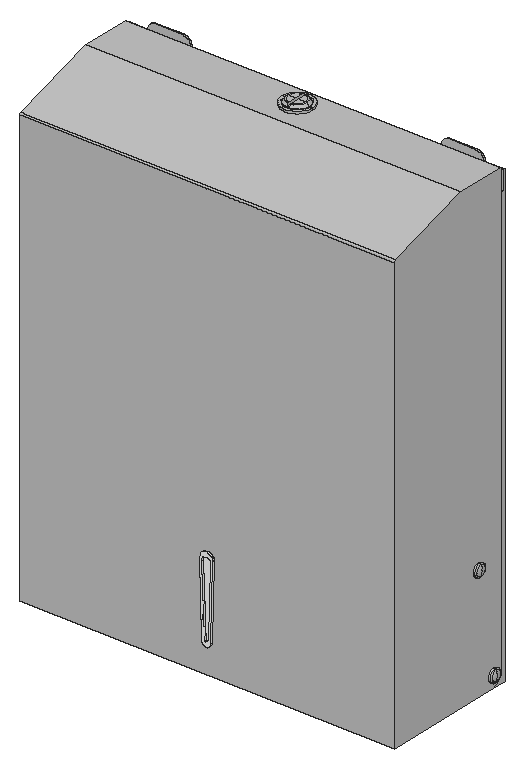
Revit family "Reece_Accessory_Wolfen_Paper Towel Dispenser", category Plumbing Fixtures, Revit 2018
Family settings
  Round Connector Dimension = Use Diameter
  Part Type = Normal
  Work Plane-Based = Yes
  Always vertical = Yes
  Cut with Voids When Loaded = Yes
  Shared = Yes
  Room Calculation Point = Yes
Parameters (values of type "Stainless Steel")
  URL = "https://www.reece.com.au/product/-2263886"
  Type Comments = "Accessory"
  Reece_Product_Web Page = "https://www.reece.com.au/product/-2263886"
  Reece_Product_Type = "Accessory"  # constant formula
  Reece_Product_Sub Brand = "Wolfen"  # constant formula
  Reece_Product_Number = "2263886"
  Reece_Product_Mount = "Wall Mounted"
  Reece_Product_Description = "Wolfen Paper Towel Dispenser Stainless Steel"
  Reece_Product_Brand = "Wolfen"  # constant formula
  Reece_Overall_Width = 280.00 mm  # constant formula
  Reece_Overall_Height = 345.00 mm  # constant formula
  Reece_Material_Secondary = Reece_Plastic_Transparent
  Reece_Material_Main = Reece_Brass_Brushed Stainless Steel
  Reece_Height_From_Level [instance] = 1000.00 mm
  Reece_Detail_Disclaimer = "THIS FILE IS THE PROPERTY OF THE REECE GROUP. IT MAY NOT BE REPRODUCED, REVERSE-ENGINEERED OR MODIFIED. ANY REPUBLICATION, TRANSMISSION OR DISTRIBUTION FOR THE PURPOSE OF COMMERCIALLY EXPLOITING THE FILES IS PROHIBITED."  # constant formula
  Reece_Detail_Additional = "Paper Towel Dispenser"  # constant formula
  Reece_Accessory_Projection = 102.00 mm  # constant formula
  Model = "Wolfen"
  Manufacturer = "Wolfen"
  Keynote = "Product #2263886, Reece_Accessory_Wolfen_Paper Towel Dispenser - Stainless Steel"
  Disclaimer = "THIS FILE IS THE PROPERTY OF THE REECE GROUP. IT MAY NOT BE REPRODUCED, REVERSE-ENGINEERED OR MODIFIED. ANY REPUBLICATION, TRANSMISSION OR DISTRIBUTION FOR THE PURPOSE OF COMMERCIALLY EXPLOITING THE FILES IS PROHIBITED."  # constant formula
  Description = "Wolfen Paper Towel Dispenser Stainless Steel"
  Default Elevation = 0.00 mm
Types (2, lengths in mm): name | Keynote
  (no name) | "Product #2263886, Reece_Accessory_Wolfen_Paper Towel Dispenser -  "
  Stainless Steel | "Product #2263886, Reece_Accessory_Wolfen_Paper Towel Dispenser - Stainless Steel"
Reference planes
  plane 1 "Center (Front/Back)": y = 0
  plane 2 "Bottom Host Plane": z = -5
  plane 3 "Center (Left/Right)": x = 0
  plane 4 "Fixing Point": z = 1000
  plane 5: z = 1039.875
  plane 6: x = 140
  plane 7: x = -140
  plane 8 "Bottom": z = 694.875
  plane 9: y = -102
Forms (mm)
  Extrusion 1, solid, material "Reece_Brass_Brushed Stainless Steel" <- "Reece_Material_Main"
    sketch origin (0, 0, 0) x (0, 1, 0) y (0, 0, 1)
      loop
        line (-3.102, 1039.875) -> (-41.021, 1039.875) -> (-101.173, 1020.921)
        arc (-101.173, 1020.921) -> (-101.771, 1020.499) -> (-102, 1019.804) r 1.168
        line (-102, 1019.804) -> (-102, 694.875) -> (-13.102, 694.875)
        arc (-13.102, 694.875) -> (-6.031, 697.804) -> (-3.102, 704.875) r 10
        line (-3.102, 704.875) -> (-3.102, 1039.875)
    from -140 to 140
  Revolve 2, solid, material "Reece_Brass_Brushed Stainless Steel" <- "Reece_Material_Main"
    sketch origin (0, -10.793, 699.26) x (0, 0, -1) y (-1, 0, 0)
      loop
        line (-9.508, -141.803) -> (-8.593, -142.179)
        arc (-8.593, -142.179) -> (-6.711, -142.745) -> (-4.755, -142.932) r 10
        line (-4.755, -142.932) -> (-4.755, -137.715) -> (-9.508, -137.715) -> (-9.508, -141.803)
      axis (-4.755, -137.715) -> (-4.755, -142.932)
    angle from 0 to 360
  Revolve 3, solid, material "Reece_Brass_Brushed Stainless Steel" <- "Reece_Material_Main"
    sketch origin (0, -24.937, 784.691) x (0, 0, -1) y (-1, 0, 0)
      loop
        line (-0.636, 141.803) -> (-0.636, 137.715) -> (4.116, 137.715) -> (4.116, 142.925)
        arc (4.116, 142.925) -> (2.182, 142.752) -> (0.32, 142.197) r 9.678
        line (0.32, 142.197) -> (-0.636, 141.803)
      axis (4.116, 137.715) -> (4.116, 142.925)
    angle from 0 to 360
  Revolve 4, solid, material "Reece_Brass_Brushed Stainless Steel" <- "Reece_Material_Main"
    sketch origin (0, -10.793, 699.26) x (0, 0, -1) y (-1, 0, 0)
      loop
        line (-9.508, 141.803) -> (-9.508, 137.715) -> (-4.755, 137.715) -> (-4.755, 142.991) -> (-6.458, 142.811)
        arc (-6.458, 142.811) -> (-7.25, 142.67) -> (-8.015, 142.417) r 5.645
        line (-8.015, 142.417) -> (-9.508, 141.803)
      axis (-4.755, 137.715) -> (-4.755, 142.991)
    angle from 0 to 360
  Revolve 5, solid, material "Reece_Brass_Brushed Stainless Steel" <- "Reece_Material_Main"
    sketch origin (1.178, -18.548, 1200) x (-1, 0, 0) y (0, 0, 1)
      loop
        line (1.178, -156.403) -> (1.178, -160.125) -> (-10.243, -160.125) -> (-10.243, -158.787)
        arc (-10.243, -158.787) -> (-9.293, -158.68) -> (-8.358, -158.878) r 2.992
        arc (-8.358, -158.878) -> (-7.971, -158.904) -> (-7.638, -158.705) r 0.651
        line (-7.638, -158.705) -> (-6.012, -156.887)
        arc (-6.012, -156.887) -> (-5.682, -156.647) -> (-5.284, -156.562) r 0.976
        line (-5.284, -156.562) -> (1.178, -156.562)
      axis (1.178, -156.403) -> (1.178, -160.125)
    angle from 0 to 360
  Extrusion 6, void
    sketch origin (0, 0, 0) x (1, 0, 0) y (0, 1, 0)
      loop
        line (-0.926, -10) -> (-0.926, -27.781) -> (1.174, -27.781) -> (1.174, -10) -> (-0.926, -10)
    from 1041.896 to 1043.739
  Extrusion 7, void
    sketch origin (0, 0, 694.875) x (0, 1, 0) y (-1, 0, 0)
      loop
        arc (-55.651, -115.645) -> (-52.851, -118.445) -> (-50.051, -115.645) r 2.8
        line (-50.051, -115.645) -> (-50.051, 0) -> (-50.051, 115.645)
        arc (-50.051, 115.645) -> (-52.851, 118.445) -> (-55.651, 115.645) r 2.8
        line (-55.651, 115.645) -> (-55.651, 52.271)
        arc (-55.651, 52.271) -> (-56.801, 45.619) -> (-60.118, 39.74) r 19.809
        arc (-60.118, 39.74) -> (-74.286, 0) -> (-60.118, -39.74) r 62.818
        arc (-60.118, -39.74) -> (-56.801, -45.619) -> (-55.651, -52.271) r 19.809
        line (-55.651, -52.271) -> (-55.651, -115.645)
    from 0 to 40
  Extrusion 8, solid, material "Reece_Plastic_Transparent" <- "Reece_Material_Secondary"
    sketch origin (-2083.396, 0, 47.691) x (1, 0, 0) y (0, 0, 1)
      loop
        arc (2081.798, 670.317) -> (2083.396, 669.674) -> (2084.993, 670.317) r 2.305
        line (2084.993, 670.317) -> (2086.83, 722.906)
        arc (2086.83, 722.906) -> (2083.396, 726.462) -> (2079.962, 722.906) r 3.436
        line (2079.962, 722.906) -> (2081.798, 670.317)
      loop
        line (2086.731, 669.433) -> (2088.108, 724.944)
        arc (2088.108, 724.944) -> (2083.396, 729.775) -> (2078.683, 724.944) r 4.714
        line (2078.683, 724.944) -> (2080.06, 669.433)
        arc (2080.06, 669.433) -> (2083.396, 666.179) -> (2086.731, 669.433) r 3.337
    from 102 to 103
  Extrusion 9, solid, material "Reece_Brass_Brushed Stainless Steel" <- "Reece_Material_Main"
    sketch origin (-2106.755, 0, 43.934) x (1, 0, 0) y (0, 0, 1)
      loop
        arc (2013.255, 993.504) -> (2011.458, 997.844) -> (2007.119, 999.641) r 6.137
        line (2007.119, 999.641) -> (1987.255, 999.641)
        arc (1987.255, 999.641) -> (1982.916, 997.844) -> (1981.119, 993.504) r 6.137
        line (1981.119, 993.504) -> (2013.255, 993.504)
      loop
        line (2200.255, 993.504) -> (2232.392, 993.504)
        arc (2232.392, 993.504) -> (2230.595, 997.844) -> (2226.255, 999.641) r 6.137
        line (2226.255, 999.641) -> (2206.392, 999.641)
        arc (2206.392, 999.641) -> (2202.053, 997.844) -> (2200.255, 993.504) r 6.137
    from 0.869 to 0
  Extrusion 10, solid, material "Reece_Brass_Brushed Stainless Steel" <- "Reece_Material_Main"
    sketch origin (0, -161.864, 0) x (0, 1, 0) y (0, 0, 1)
      loop
        arc (158.763, 704.799) -> (156.258, 698.178) -> (149.997, 694.875) r 10
        line (149.997, 694.875) -> (161.864, 694.875) -> (161.864, 1037.438) -> (160.996, 1037.438) -> (160.996, 1023.301) -> (158.763, 1023.301) -> (158.763, 704.799)
    from -140 to 140
  Extrusion 11, void
    sketch origin (-68.208, 0, 0.106) x (1, 0, 0) y (0, 0, 1)
      loop
        arc (181.677, 988.015) -> (183.581, 976.503) -> (186.694, 987.748) r 5.974
        line (186.694, 987.748) -> (186.694, 1004.967)
        arc (186.694, 1004.967) -> (184.583, 1007.395) -> (181.885, 1005.642) r 2.451
        line (181.885, 1005.642) -> (181.326, 1003.688)
        arc (181.326, 1003.688) -> (180.69, 1002.762) -> (179.624, 1002.405) r 1.77
        line (179.624, 1002.405) -> (156.966, 1002.405)
        arc (156.966, 1002.405) -> (154.458, 999.896) -> (156.966, 997.388) r 2.509
        line (156.966, 997.388) -> (179.177, 997.388)
        arc (179.177, 997.388) -> (180.945, 996.655) -> (181.677, 994.888) r 2.5
        line (181.677, 994.888) -> (181.677, 988.015)
      loop
        line (-45.261, 988.015) -> (-45.261, 994.888)
        arc (-45.261, 994.888) -> (-44.529, 996.655) -> (-42.761, 997.388) r 2.5
        line (-42.761, 997.388) -> (-20.551, 997.388)
        arc (-20.551, 997.388) -> (-18.042, 999.896) -> (-20.551, 1002.405) r 2.509
        line (-20.551, 1002.405) -> (-43.209, 1002.405)
        arc (-43.209, 1002.405) -> (-44.275, 1002.762) -> (-44.911, 1003.688) r 1.77
        line (-44.911, 1003.688) -> (-45.47, 1005.642)
        arc (-45.47, 1005.642) -> (-48.167, 1007.395) -> (-50.278, 1004.967) r 2.451
        line (-50.278, 1004.967) -> (-50.278, 987.748)
        arc (-50.278, 987.748) -> (-47.165, 976.503) -> (-45.261, 988.015) r 5.974
    from 0 to 3.102
  Extrusion 12, void
    sketch origin (0, 0, 0) x (1, 0, 0) y (0, 0, 1)
      loop
        arc (4.433, 770.562) -> (0, 775.153) -> (-4.433, 770.562) r 4.436
        line (-4.433, 770.562) -> (-2.584, 717.61)
        arc (-2.584, 717.61) -> (0, 716.365) -> (2.584, 717.61) r 3.305
        line (2.584, 717.61) -> (4.433, 770.562)
    from 89.152 to 125.421
  Extrusion 13, solid, material "Reece_Plastic_Transparent" <- "Reece_Material_Secondary"
    sketch origin (0, 0, 0) x (1, 0, 0) y (0, 0, 1)
      loop
        line (-4.433, 770.562) -> (-2.584, 717.61)
        arc (-2.584, 717.61) -> (0, 716.365) -> (2.584, 717.61) r 3.305
        line (2.584, 717.61) -> (4.433, 770.562)
        arc (4.433, 770.562) -> (0, 775.153) -> (-4.433, 770.562) r 4.436
    from 100 to 102
  Revolve 14, solid, material "Reece_Brass_Brushed Stainless Steel" <- "Reece_Material_Main"
    sketch origin (0, -24.937, 784.691) x (0, 0, -1) y (-1, 0, 0)
      loop
        line (-0.636, -141.803) -> (0.32, -142.197)
        arc (0.32, -142.197) -> (2.182, -142.752) -> (4.116, -142.925) r 9.678
        line (4.116, -142.925) -> (4.116, -137.715) -> (-0.636, -137.715) -> (-0.636, -141.803)
      axis (4.116, -137.715) -> (4.116, -142.925)
    angle from 0 to 360
Cuts and joins
  Extrusion 11 cuts Extrusion 10
  joined: Extrusion 9, Extrusion 10
  Extrusion 7, Extrusion 12 cuts Extrusion 1
  Extrusion 7 cuts Revolve 2
  Extrusion 7 cuts Revolve 3
  Extrusion 7 cuts Revolve 4
  Extrusion 6, Extrusion 7 cuts Revolve 5
  joined: Extrusion 1, Revolve 2, Revolve 3, Revolve 4, Revolve 5, Revolve 14
Lines and regions (mm)
  model lines, style "InvisibleLines"
    curve 1: line (0, 0, -5) -> (0, 0, 1000)
Text (mm)
  text "Reece ©" at (2599.746, -2062.319, 3354.748), in view "Reece Preview"
  text "Reece Copyright © 2018, Reece Ltd." at (191.723, -178.82, -1020.679), in view "Ref. Level"
Dimensions and locks
  locked: plane 2 "Bottom Host Plane" to level at 5
  "Reece_Height_From_Level": plane 4 "Fixing Point" to level
  "Reece_Overall_Width": plane 6 to plane 7
  Extrusion 1 sketch curve to Extrusion 1 sketch curve to Extrusion 1 sketch curve to plane 4 "Fixing Point" to Extrusion 1 sketch curve to Extrusion 1 sketch curve to Extrusion 1 sketch curve = 0.00 mm locked, 10.00 mm locked, 295.125 mm locked, 20.921 mm locked, 18.954 mm locked, 0.00 mm locked
  locked: Revolve 4 sketch curve to plane 4 "Fixing Point" at 295.985
  locked: Revolve 2 sketch curve to plane 4 "Fixing Point" at 295.985
  locked: plane 4 "Fixing Point" to plane 5 at 39.875
  Extrusion 6 to Extrusion 6 to plane 4 "Fixing Point" = 1.842 mm locked, 41.896 mm locked
  cut or joined group of Extrusion 9, Extrusion 10, Extrusion 11 to cut or joined group of Extrusion 9, Extrusion 10, Extrusion 11 = 342.563 mm
  "Reece_Overall_Height": cut or joined group of Extrusion 9, Extrusion 10, Extrusion 11 to plane 5
  "Reece_Overall_Height": plane 5 to plane 8 "Bottom"
  "Reece_Accessory_Projection": plane 1 "Center (Front/Back)" to plane 9
  locked: plane 4 "Fixing Point" to Extrusion 8 sketch curve at 286.13
  aligned and locked: plane 4 "Fixing Point" to curve 1
Automatic sketch dimensions
  curve 1 to plane 3 "Center (Left/Right)" = 0.00 mm
  curve 1 to plane 2 "Bottom Host Plane" = 0.00 mm
  Extrusion 1 sketch curve to plane 9 = 0.00 mm
  plane 9 to Extrusion 1 sketch curve = 0.827 mm
  Extrusion 1 sketch curve to Extrusion 1 sketch curve = 1.168 mm
  plane 1 "Center (Front/Back)" to Extrusion 1 sketch curve = 41.021 mm
  plane 1 "Center (Front/Back)" to Extrusion 1 sketch curve = 13.102 mm
  Revolve 2 sketch curve to Revolve 2 sketch curve = 0.00 mm
  Revolve 2 sketch curve to Revolve 2 sketch curve = 0.032 mm
  plane 6 to Revolve 2 sketch curve = 2.179 mm
  Revolve 2 sketch curve to Revolve 2 sketch curve = 3.839 mm
  Revolve 2 sketch curve to Revolve 2 sketch curve = 0.914 mm
  Revolve 2 sketch curve to Revolve 2 sketch curve = 0.753 mm
  Revolve 2 sketch curve to Revolve 2 sketch curve = 0.376 mm
  Revolve 2 sketch curve to plane 6 = 2.285 mm
  Revolve 2 sketch curve to Revolve 2 sketch curve = 3.729 mm
  Revolve 2 sketch curve to Revolve 2 sketch curve = 1.055 mm
  plane 7 to Revolve 3 sketch curve = 2.197 mm
  Revolve 3 sketch curve to Revolve 3 sketch curve = 0.957 mm
  Revolve 3 sketch curve to Revolve 3 sketch curve = 0.394 mm
  Revolve 3 sketch curve to plane 7 = 2.285 mm
  Revolve 3 sketch curve to Revolve 3 sketch curve = 4.468 mm
  Revolve 3 sketch curve to Revolve 3 sketch curve = 1.055 mm
  Revolve 3 sketch curve to Revolve 3 sketch curve = 3.736 mm
  Revolve 4 sketch curve to Revolve 4 sketch curve = 0.00 mm
  Revolve 4 sketch curve to Revolve 4 sketch curve = 1.111 mm
  plane 7 to Revolve 4 sketch curve = 2.811 mm
  Revolve 4 sketch curve to Revolve 4 sketch curve = 1.703 mm
  plane 7 to Revolve 4 sketch curve = 2.417 mm
  Revolve 4 sketch curve to Revolve 4 sketch curve = 1.557 mm
  Revolve 4 sketch curve to Revolve 4 sketch curve = 1.493 mm
  Revolve 4 sketch curve to plane 7 = 2.285 mm
  Revolve 4 sketch curve to Revolve 4 sketch curve = 0.615 mm
  Revolve 4 sketch curve to Revolve 4 sketch curve = 0.18 mm
  Revolve 4 sketch curve to Revolve 4 sketch curve = 1.055 mm
  Revolve 4 sketch curve to Revolve 4 sketch curve = 3.67 mm
  Revolve 5 sketch curve to plane 5 = 0.00 mm
  Revolve 5 sketch curve to plane 3 "Center (Left/Right)" = 0.00 mm  (x2)
  plane 5 to Revolve 5 sketch curve = 3.563 mm
  Revolve 5 sketch curve to Revolve 5 sketch curve = 6.462 mm
  plane 5 to Revolve 5 sketch curve = 3.238 mm
  Revolve 5 sketch curve to Revolve 5 sketch curve = 0.728 mm
  plane 5 to Revolve 5 sketch curve = 1.42 mm
  Revolve 5 sketch curve to Revolve 5 sketch curve = 1.626 mm
  Revolve 5 sketch curve to Revolve 5 sketch curve = 0.485 mm
  Revolve 5 sketch curve to plane 5 = 1.544 mm
  Revolve 5 sketch curve to Revolve 5 sketch curve = 1.799 mm
  Revolve 5 sketch curve to Revolve 5 sketch curve = 0.806 mm
  plane 5 to Revolve 5 sketch curve = 1.338 mm
  Revolve 5 sketch curve to Revolve 5 sketch curve = 0.434 mm
  Revolve 5 sketch curve to Revolve 5 sketch curve = 6.265 mm
  Revolve 5 sketch curve to Revolve 5 sketch curve = 0.159 mm
  Revolve 5 sketch curve to Revolve 5 sketch curve = 8.876 mm
  Extrusion 6 sketch curve to plane 3 "Center (Left/Right)" = 0.926 mm
  plane 3 "Center (Left/Right)" to Extrusion 6 sketch curve = 1.174 mm
  plane 1 "Center (Front/Back)" to Extrusion 6 sketch curve = 27.781 mm
  Extrusion 6 sketch curve to Extrusion 6 sketch curve = 17.781 mm
  Extrusion 7 sketch curve to plane 3 "Center (Left/Right)" = 0.00 mm  (x2)
  plane 9 to Extrusion 7 sketch curve = 26.54 mm  (x2)
  Extrusion 7 sketch curve to Extrusion 7 sketch curve = 19.809 mm
  plane 9 to Extrusion 7 sketch curve = 46.349 mm
  Extrusion 7 sketch curve to Extrusion 7 sketch curve = 2.80 mm
  plane 1 "Center (Front/Back)" to Extrusion 7 sketch curve = 11.468 mm
  plane 3 "Center (Left/Right)" to Extrusion 7 sketch curve = 52.271 mm
  Extrusion 7 sketch curve to plane 6 = 24.355 mm
  Extrusion 7 sketch curve to plane 3 "Center (Left/Right)" = 52.271 mm
  Extrusion 7 sketch curve to plane 7 = 24.355 mm
  Extrusion 7 sketch curve to Extrusion 7 sketch curve = 0.00 mm
  Extrusion 8 sketch curve to plane 3 "Center (Left/Right)" = 0.00 mm  (x4)
  Extrusion 8 sketch curve to plane 3 "Center (Left/Right)" = 1.598 mm
  Extrusion 8 sketch curve to Extrusion 8 sketch curve = 1.738 mm  (x2)
  Extrusion 8 sketch curve to plane 3 "Center (Left/Right)" = 3.434 mm
  Extrusion 8 sketch curve to Extrusion 8 sketch curve = 1.279 mm  (x2)
  plane 3 "Center (Left/Right)" to Extrusion 8 sketch curve = 1.598 mm
  plane 3 "Center (Left/Right)" to Extrusion 8 sketch curve = 3.434 mm
  plane 8 "Bottom" to Extrusion 8 sketch curve = 22.248 mm
  Extrusion 8 sketch curve to Extrusion 8 sketch curve = 0.083 mm
  Extrusion 8 sketch curve to Extrusion 8 sketch curve = 0.802 mm
  Extrusion 8 sketch curve to Extrusion 8 sketch curve = 1.661 mm
  Extrusion 8 sketch curve to Extrusion 8 sketch curve = 0.12 mm
  Extrusion 8 sketch curve to Extrusion 8 sketch curve = 2.039 mm
  Extrusion 8 sketch curve to Extrusion 8 sketch curve = 2.036 mm
  Extrusion 10 sketch curve to plane 8 "Bottom" = 0.00 mm
  Extrusion 10 sketch curve to plane 1 "Center (Front/Back)" = 0.00 mm
  plane 1 "Center (Front/Back)" to Extrusion 10 sketch curve = 0.868 mm
  Extrusion 10 sketch curve to Extrusion 10 sketch curve = 2.233 mm
  Extrusion 10 sketch curve to Extrusion 10 sketch curve = 11.867 mm
  plane 8 "Bottom" to Extrusion 10 sketch curve = 9.923 mm
  Extrusion 10 sketch curve to plane 5 = 16.574 mm
  Extrusion 10 sketch curve to plane 5 = 2.437 mm
  Extrusion 11 sketch curve to plane 7 = 21.514 mm
  Extrusion 11 sketch curve to Extrusion 11 sketch curve = 2.451 mm  (x2)
  Extrusion 11 sketch curve to Extrusion 11 sketch curve = 2.796 mm
  Extrusion 11 sketch curve to plane 4 "Fixing Point" = 5.748 mm  (x2)
  Extrusion 11 sketch curve to Extrusion 11 sketch curve = 2.357 mm  (x2)
  Extrusion 11 sketch curve to Extrusion 11 sketch curve = 5.017 mm
  Extrusion 11 sketch curve to plane 4 "Fixing Point" = 3.794 mm  (x2)
  Extrusion 11 sketch curve to Extrusion 11 sketch curve = 0.559 mm  (x2)
  Extrusion 11 sketch curve to Extrusion 11 sketch curve = 1.702 mm  (x2)
  plane 4 "Fixing Point" to Extrusion 11 sketch curve = 2.506 mm  (x2)
  Extrusion 11 sketch curve to Extrusion 11 sketch curve = 2.50 mm  (x2)
  Extrusion 11 sketch curve to plane 4 "Fixing Point" = 0.002 mm  (x2)
  Extrusion 11 sketch curve to Extrusion 11 sketch curve = 22.211 mm  (x2)
  Extrusion 11 sketch curve to plane 6 = 51.241 mm
  Extrusion 11 sketch curve to Extrusion 11 sketch curve = 0.447 mm
  Extrusion 11 sketch curve to Extrusion 11 sketch curve = 2.221 mm
  Extrusion 11 sketch curve to Extrusion 11 sketch curve = 6.873 mm  (x2)
  Extrusion 11 sketch curve to Extrusion 11 sketch curve = 0.266 mm  (x2)
  Extrusion 12 sketch curve to plane 3 "Center (Left/Right)" = 0.00 mm  (x2)
  Extrusion 12 sketch curve to plane 3 "Center (Left/Right)" = 2.584 mm
  Extrusion 12 sketch curve to plane 3 "Center (Left/Right)" = 4.433 mm
  plane 3 "Center (Left/Right)" to Extrusion 12 sketch curve = 2.584 mm
  plane 3 "Center (Left/Right)" to Extrusion 12 sketch curve = 4.433 mm
  plane 8 "Bottom" to Extrusion 12 sketch curve = 22.735 mm
  Extrusion 12 sketch curve to Extrusion 12 sketch curve = 2.06 mm
  Extrusion 12 sketch curve to Extrusion 12 sketch curve = 0.155 mm
  Extrusion 13 sketch curve to plane 3 "Center (Left/Right)" = 0.00 mm  (x2)
  Extrusion 13 sketch curve to plane 3 "Center (Left/Right)" = 2.584 mm
  Extrusion 13 sketch curve to plane 3 "Center (Left/Right)" = 4.433 mm
  plane 3 "Center (Left/Right)" to Extrusion 13 sketch curve = 2.584 mm
  plane 3 "Center (Left/Right)" to Extrusion 13 sketch curve = 4.433 mm
  plane 8 "Bottom" to Extrusion 13 sketch curve = 22.735 mm
  Extrusion 13 sketch curve to Extrusion 13 sketch curve = 2.06 mm
  Extrusion 13 sketch curve to Extrusion 13 sketch curve = 0.155 mm
  plane 6 to Revolve 14 sketch curve = 2.197 mm
  Revolve 14 sketch curve to Revolve 14 sketch curve = 0.957 mm
  Revolve 14 sketch curve to Revolve 14 sketch curve = 0.728 mm
  Revolve 14 sketch curve to Revolve 14 sketch curve = 0.394 mm
  Revolve 14 sketch curve to plane 6 = 2.285 mm
  Revolve 14 sketch curve to Revolve 14 sketch curve = 3.736 mm
  Revolve 14 sketch curve to Revolve 14 sketch curve = 1.055 mm
  Extrusion 9 sketch curve to plane 5 = 2.437 mm  (x2)
  Extrusion 9 sketch curve to plane 7 = 14.363 mm
  plane 5 to Extrusion 9 sketch curve = 3.70 mm  (x2)
  Extrusion 9 sketch curve to Extrusion 9 sketch curve = 19.863 mm  (x2)
  Extrusion 9 sketch curve to plane 6 = 46.50 mm
  plane 8 "Bottom" to Revolve 3 sketch curve = 90.453 mm
  Revolve 3 sketch curve to Revolve 3 sketch curve = 4.641 mm
  Revolve 3 sketch curve to Revolve 3 sketch curve = 0.111 mm
  Revolve 3 sketch curve to Revolve 3 sketch curve = 0.00 mm
  Extrusion 8 sketch curve to Extrusion 8 sketch curve = 50.927 mm
  Extrusion 12 sketch curve to Extrusion 12 sketch curve = 50.892 mm
  Extrusion 13 sketch curve to Extrusion 13 sketch curve = 50.892 mm
  plane 8 "Bottom" to Revolve 14 sketch curve = 90.453 mm
  Revolve 14 sketch curve to Revolve 14 sketch curve = 4.641 mm
  Revolve 14 sketch curve to Revolve 14 sketch curve = 0.111 mm
  Revolve 14 sketch curve to Revolve 14 sketch curve = 0.00 mm
